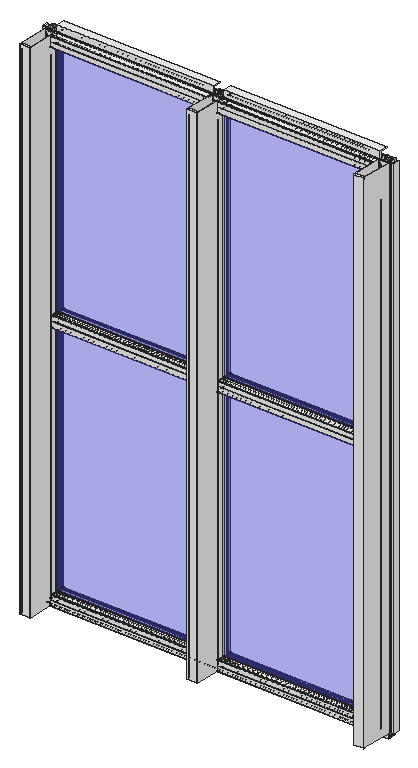
Revit family "Facade_60_Curtain_Wall_E22_Custom", category Windows, host Wall, Revit 2014
Parameters (values of type "F60-E22-Custom")
  Windload Design [instance] = if(Custom Windload < 1001 mm, 1000 mm, if(Custom Windload < 1501 mm, 1500 mm, 2000 mm))  # 1000 mm
  Width [instance] = if(Custom Curtain Wall Width < Limit Door Width Min, Limit Door Width Min, if(Custom Curtain Wall Width > Limit Door Width Max, Limit Door Width Max, Custom Curtain Wall Width))  # 2000 mm
  Wall Thickness [instance] = 200 mm
  Vertical Profile Length [instance] = Height - Frame Bottom Gap  # 2970 mm
  URL = "http://www.crealco.co.za/crealco-products.php"
  Type Comments = ""
  Top Profile Overhang = 5.9 mm  # constant formula
  Thermal Resistance (R) [instance] = if(IGDB or SAGDB Number = 100100, 1.0000 (m²·K)/W / Intruderprufe U Value, if(IGDB or SAGDB Number = 100100, 1.0000 (m²·K)/W / Intruderprufe U Value, if(IGDB or SAGDB Number = 105003, 1.0000 (m²·K)/W / Intruderprufe Insulated U Value, if(IGDB or SAGDB Number = 105004, 1.0000 (m²·K)/W / Intruderprufe Insulated LowE U Value, 1.0000 (m²·K)/W / 7.9)))) * 1  # 0.126582 (m²·K)/W
  Thermal Break Material = Plastic, Opaque Black
  Solar Heat Gain Coefficient [instance] = if(IGDB or SAGDB Number = 100100, Intruderprufe SHGC Value, if(IGDB or SAGDB Number = 103200, Intruderprufe LowE SHGC Value, if(IGDB or SAGDB Number = 105003, Intruderprufe Insulated SHGC Value, if(IGDB or SAGDB Number = 105004, Intruderprufe Insulated LowE SHGC Value, 0))))  # 0
  Single Glazing [instance] = if(DG Forced, 1 = 0, not(Double Glazing))  # no
  Sill Height = 85 mm  # constant formula
  SG Forced [instance] = not(DG Forced)  # no
  Quarter Expansion Break = yes
  Overall Width [instance] = 2000 mm
  Overall Height [instance] = 3000 mm
  Mullion Side Gap [instance] = (Width / 2) - 30 mm  # 970 mm
  Mullion Configuration [instance] = if(Windload Design = 1000 mm, if(not(Height > 2490 mm), 1 mm, if(and(not(Height > 4990 mm), not(Width > 1790 mm)), 2 mm, 3 mm)), if(Windload Design = 1500 mm, if(Height > 2490 mm, 3 mm, if(Width > 2990 mm, 2 mm, 1 mm)), if(Height > 2490 mm, 3 mm, if(Width > 1790 mm, 2 mm, 1 mm))))  # 3 mm
  Model = "Facade 60"
  Mid Transom Bottom Gap [instance] = (Height - Frame Bottom Gap) / 2  # 1485 mm
  Max System DG Unit Thickness = 25 mm  # constant formula
  Max System DG One Piece Thickness [instance] = rounddown((Max System DG Unit Thickness - DG Gasket Thickness) / 2 mm) * 1 mm  # 6 mm
  Max Pane Area [instance] = Glazing Width * Glazing Height  # 1.3642 m²
  Manufacturer = "Crealco"
  Limit Door Width Min = (2 * Limit Panel Width Min) + (2 * Glazing Side Gap) + 19.6 mm  # 699.2 mm
  Limit Door Width Max = (2 * Limit Panel Width Max) + (2 * Glazing Side Gap) + 19.6 mm  # 6099.2 mm
  Limit Door Height Min = (2 * Limit Panel Height Min) + 69.8 mm + (1 mm * 19.6) + 39.8 mm  # 729.2 mm
  Limit Door Height Max = (2 * Limit Panel Height Max) + 69.8 mm + (1 mm * 19.6) + 39.8 mm  # 12129.2 mm
  Limit Panel Width Min = 300 mm  # constant formula
  Limit Panel Width Max = 3000 mm  # constant formula
  Limit Panel Height Min = 300 mm  # constant formula
  Limit Panel Height Max = 6000 mm  # constant formula
  Sill Length [instance] = Width  # 2000 mm
  Length Sill [instance] = Width  # 2000 mm
  Keynote = ""
  Jamb Width = 60 mm  # constant formula
  Intruderprufe U Value = 0
  Intruderprufe SHGC Value = 0
  Intruderprufe LowE U Value = 0
  Intruderprufe LowE SHGC Value = 0
  Intruderprufe Insulated U Value = 0
  Intruderprufe Insulated SHGC Value = 0
  Intruderprufe Insulated LowE U Value = 0
  Intruderprufe Insulated LowE SHGC Value = 0
  Horizontal Profile Length [instance] = (Width - (2 * Jamb Width) - 60 mm) / 2  # 910 mm
  Half Expansion Break = no
  Glazing Width [instance] = Horizontal Profile Length + (2 mm * 20.2)  # 950.4 mm
  Glazing Top Gap = 39.8 mm  # constant formula
  Glazing Side Gap = 39.8 mm  # constant formula
  Glazing Height [instance] = (Height - Glazing Top Gap - Glazing Bottom Gap - (60 mm - 20.2 mm - 20.2 mm)) / 2  # 1435.4 mm
  Glazing Gap SG [instance] = (14 mm - SG Thickness) / 2  # 5 mm
  Glazing Gap DG [instance] = (28 mm - (DG Thickness + DG Thickness + DG Gasket Thickness)) / 2  # 4 mm
  Glazing Bottom Gap = 69.8 mm  # constant formula
  Frame Thickness = 101.8 mm  # constant formula
  Frame Bottom Gap = 30 mm  # constant formula
  Door Leaf Height [instance] = 2050 mm
  Double Glazing [instance] = yes
  DG Thickness Calc [instance] = if(not(Max Pane Area > 1.125 m²), 4 mm, if(not(Max Pane Area > 2.25 m²), 4 mm, if(not(Max Pane Area > 3.15 m²), 5 mm, if(not(Max Pane Area > 4.35 m²), 6 mm, if(not(Max Pane Area > 6.45 m²), 8 mm, 10 mm)))))  # 4 mm
  DG Thickness [instance] = if(IGDB or SAGDB Number = 105003, 6 mm, if(IGDB or SAGDB Number = 105004, 7 mm, if(DG Thickness Calc > Max System DG One Piece Thickness, Max System DG One Piece Thickness, DG Thickness Calc)))  # 4 mm
  DG Gasket Thickness = 12 mm  # constant formula
  DG Gasket Finish [instance] = Double Glazing Gasket Material
  DG Forced [instance] = if(IGDB or SAGDB Number = 100100, 1 = 0, if(IGDB or SAGDB Number = 103200, 1 = 0, if(IGDB or SAGDB Number = 105003, 1 = 1, if(IGDB or SAGDB Number = 105004, 1 = 1, Double Glazing))))  # yes
  IGDB or SAGDB Number [instance] = 0
  Height [instance] = if(Custom Curtain Wall Height < Limit Door Height Min, Limit Door Height Min, if(Custom Curtain Wall Height > Limit Door Height Max, Limit Door Height Max, Custom Curtain Wall Height))  # 3000 mm
  Heat Transfer Coefficient (U) [instance] = if(IGDB or SAGDB Number = 100100, Intruderprufe U Value, if(IGDB or SAGDB Number = 103200, Intruderprufe LowE U Value, if(IGDB or SAGDB Number = 105003, Intruderprufe Insulated U Value, if(IGDB or SAGDB Number = 105004, Intruderprufe Insulated LowE U Value, 7.9)))) * 1.0000 W/(m²·K)  # 7.9000 W/(m²·K)
  SG Thickness [instance] = if(IGDB or SAGDB Number = 100100, 6 mm, if(IGDB or SAGDB Number = 103200, 7 mm, if(not(Max Pane Area > 0.75 m²), 4 mm, if(not(Max Pane Area > 1.50 m²), 4 mm, if(not(Max Pane Area > 2.10 m²), 5 mm, if(not(Max Pane Area > 2.90 m²), 6.4 mm, if(not(Max Pane Area > 4.30 m²), 8 mm, 10 mm)))))))  # 4 mm
  Glazing Material [instance] = if(IGDB or SAGDB Number = 100100, "PFG INTRUDERPRUFE 6.38mm", if(IGDB or SAGDB Number = 103200, "PFG INTRUDERPRUFE LOW-E 7.38mm", if(IGDB or SAGDB Number = 105003, "PFG 25mm INTRUDERPRUFE INSULATED GLASS", if(IGDB or SAGDB Number = 105004, "PFG 25mm INTRUDERPRUFE INSULATED GLASS LOW-E", "Unknown"))))  # "Unknown"
  Glazing Finish [instance] = Glass
  Glazing Code [instance] = if(IGDB or SAGDB Number = 100100, "LAM01", if(IGDB or SAGDB Number = 103200, "LAM01E", if(IGDB or SAGDB Number = 105003, "IGU25", if(IGDB or SAGDB Number = 105004, "IGU25E", "Unknown"))))  # "Unknown"
  Frame Offset From Exterior [instance] = if(Centered In Wall, (Wall Thickness - Frame Thickness) / 2, Custom Offset From Exterior) + 5.9 mm  # 55 mm
  Description = "Curtain Wall, E22"
  Default Sill Height = 0 mm
  Wall Closure = By host
  Custom Curtain Wall Width [instance] = 2000 mm
  Custom Curtain Wall Height [instance] = 3000 mm
  Custom Windload [instance] = 1000 mm
  Custom Offset From Exterior [instance] = 0 mm
  Centered In Wall [instance] = yes
  Aluminium Finish [instance] = White Powder Coated Aluminium ANP 1052
  All Available Glazing Numbers [instance] = "The rows below list the available glazing materials for this window:"  # constant formula
  190mm Mullion [instance] = if(Mullion Configuration = 3 mm, 1 = 1, 1 = 0)  # yes
  160mm Mullion [instance] = if(Mullion Configuration = 2 mm, 1 = 1, 1 = 0)  # no
  105004 [instance] = "IGU25E"  # constant formula
  105003 [instance] = "IGU25"  # constant formula
  103200 [instance] = "LAM01E"  # constant formula
  100mm Mullion [instance] = if(or(Mullion Configuration = 2 mm, Mullion Configuration = 3 mm), 1 = 0, 1 = 1)  # no
  100100 [instance] = "LAM01"  # constant formula
Reference planes
  plane 1 "Center (Front/Back)": y = 0
  plane 2 "Center (Left/Right)": x = 0
  plane 3 "Left": x = -1000
  plane 4 "Right": x = 1000
  plane 5 "Sill": z = 0
  plane 6 "Head": z = 3000
  plane 7 "Exterior": y = 100
  plane 8 "Interior": y = -100
Lines and regions (mm)
  Opening 1
    outline origin (3507.082, -100, 0) x (1, 0, 0) y (0, 0, 1)
      loop
        line (-2507.082, 0) -> (-2507.082, 3000) -> (-4507.082, 3000) -> (-4507.082, 0) -> (-2507.082, 0)
Text (mm)
  text "EXTERIOR" at (-1963.203, 1332.353, 0), in view "Ref. Level"
  text "INTERIOR" at (-1981.466, -818.386, 0), in view "Ref. Level"
  text "Exterior" at (0, 923.751, 2943.296), in view "Right"
  text "Exterior" at (0, 1040.484, 2685.409), in view "Left"
Dimensions and locks
  equal spacing: plane 3 "Left", plane 2 "Center (Left/Right)", plane 4 "Right"
  "Width": plane 3 "Left" to plane 4 "Right"
  "Height": plane 5 "Sill" to plane 6 "Head"
  "Default Sill Height": plane 5 "Sill" to level
  locked: plane 7 "Exterior" to host wall at 0
  locked: plane 8 "Interior" to host wall
  "Overall Height": plane 6 "Head" to plane 5 "Sill"
  "Overall Width": plane 3 "Left" to plane 4 "Right"
  "Wall Thickness": host wall to host wall
  "Jamb Width": nested 3 to plane 4 "Right"
  "Jamb Width": nested 5 to plane 4 "Right"
  "Frame Bottom Gap": nested 5 to level
  "Frame Offset From Exterior": nested 1 to plane 7 "Exterior"
  "Glazing Side Gap": nested 6 to plane 4 "Right"
  "Glazing Top Gap": nested 6 to plane 6 "Head"
  "Glazing Gap SG": nested 6 to nested 1
  "Glazing Side Gap": nested 7 to plane 4 "Right"
  "Glazing Top Gap": nested 7 to plane 6 "Head"
  "Glazing Gap DG": nested 7 to nested 1
  "Mullion Side Gap": nested 8 to plane 4 "Right"
  "Frame Bottom Gap": nested 8 to level
  "Jamb Width": plane 3 "Left" to nested 10
  "Jamb Width": plane 3 "Left" to nested 9
  "Glazing Side Gap": plane 3 "Left" to nested 11
  "Glazing Side Gap": plane 3 "Left" to nested 12
  "Glazing Gap SG": nested 2 to nested 12
  "Glazing Gap DG": nested 2 to nested 11
  "Glazing Bottom Gap": nested 11 to level
  "Glazing Bottom Gap": nested 12 to level
  "Frame Bottom Gap": nested 9 to level
  "Mid Transom Bottom Gap": nested 13 to level
  "Mid Transom Bottom Gap": nested 14 to level
  "Jamb Width": plane 3 "Left" to nested 13
  "Jamb Width": nested 14 to plane 4 "Right"
  "Glazing Bottom Gap": nested 15 to level
  "Glazing Bottom Gap": nested 16 to level
  "Glazing Top Gap": nested 17 to plane 6 "Head"
  "Glazing Top Gap": nested 18 to plane 6 "Head"
  "Glazing Side Gap": plane 3 "Left" to nested 18
  "Glazing Side Gap": plane 3 "Left" to nested 17
  "Glazing Side Gap": nested 15 to plane 4 "Right"
  "Glazing Side Gap": nested 16 to plane 4 "Right"
  "Glazing Gap SG": nested 16 to nested 1
  "Glazing Gap DG": nested 15 to nested 1
  "Glazing Gap SG": nested 2 to nested 18
  "Glazing Gap DG": nested 2 to nested 17
  aligned and locked: plane 4 "Right" to nested 1
  aligned and locked: nested 1 to plane 6 "Head"
  aligned and locked: plane 3 "Left" to nested 2
  aligned and locked: plane 6 "Head" to nested 2
  aligned and locked: nested 3 to plane 6 "Head"
  aligned and locked: nested 4 to level
  aligned and locked: plane 4 "Right" to nested 4
  aligned and locked: nested 1 to nested 2
  aligned and locked: nested 5 to nested 4
  aligned and locked: nested 8 to nested 2
  aligned and locked: nested 10 to plane 6 "Head"
  aligned and locked: nested 5 to nested 10
  aligned and locked: nested 5 to nested 9
  aligned and locked: nested 10 to nested 3
  aligned and locked: nested 10 to nested 2
  aligned and locked: nested 13 to nested 10
  aligned and locked: nested 14 to nested 3
Automatic sketch dimensions
  plane 3 "Left" to Opening 1 sketch curve = 0 mm
  plane 4 "Right" to Opening 1 sketch curve = 0 mm
  Opening 1 sketch curve to plane 5 "Sill" = 0 mm
  Opening 1 sketch curve to plane 6 "Head" = 0 mm
Nested families
  nested 1: "F60 Vertical Profile Side_E22_Cust" at (1000, -1.058, 30) x (-1, 0, 0) z (0, 0, 1), Thermal Break Material <- "Thermal Break Material", Profile Material <- "Aluminium Finish", Length <- "Vertical Profile Length", Single Glazing <- "SG Forced", Double Glazing <- "DG Forced", 100mm Mullion <- "100mm Mullion", 160mm Mullion <- "160mm Mullion", 190mm Mullion <- "190mm Mullion", Quarter Expansion Break <- "Quarter Expansion Break", Half Expansion Break <- "Half Expansion Break", type "F60 Vertical Profile Side_E22_Cust"
    with Thermal Break Material Plastic, Opaque Black, Single Glazing no, Quarter SG Expansion Break no, Quarter Length 742.5 mm, Quarter Expansion Break yes, Quarter DG Expansion Break yes, Quarter 190mm Expansion Break yes, Quarter 160mm Expansion Break no, Quarter 100mm Expansion Break no, Profile Material White Powder Coated Aluminium ANP 1052, Length 2970 mm, Half SG Expansion Break no, Half Length 1485 mm, Half Expansion Break no, Half DG Expansion Break no, Half 190mm Expansion Joint no, Half 160mm Expansion Break no, Half 100mm Expansion Break no, Double Glazing yes, 190mm Mullion yes, 160mm Mullion no, 100mm Mullion no
  nested 2: "F60 Vertical Profile Side_E22_Cust" at (-1000, -1.058, 30), Thermal Break Material <- "Thermal Break Material", Profile Material <- "Aluminium Finish", Length <- "Vertical Profile Length", Single Glazing <- "SG Forced", Double Glazing <- "DG Forced", 100mm Mullion <- "100mm Mullion", 160mm Mullion <- "160mm Mullion", 190mm Mullion <- "190mm Mullion", Quarter Expansion Break <- "Quarter Expansion Break", Half Expansion Break <- "Half Expansion Break", type "F60 Vertical Profile Side_E22_Cust"
    with Thermal Break Material Plastic, Opaque Black, Single Glazing no, Quarter SG Expansion Break no, Quarter Length 742.5 mm, Quarter Expansion Break yes, Quarter DG Expansion Break yes, Quarter 190mm Expansion Break yes, Quarter 160mm Expansion Break no, Quarter 100mm Expansion Break no, Profile Material White Powder Coated Aluminium ANP 1052, Length 2970 mm, Half SG Expansion Break no, Half Length 1485 mm, Half Expansion Break no, Half DG Expansion Break no, Half 190mm Expansion Joint no, Half 160mm Expansion Break no, Half 100mm Expansion Break no, Double Glazing yes, 190mm Mullion yes, 160mm Mullion no, 100mm Mullion no
  nested 3: "F60 Horizontal Profile Top_E22_Cust" at (940, -50.858, 2940) x (-1, 0, 0) z (0, 0, 1), Thermal Break Material <- "Thermal Break Material", Profile Material <- "Aluminium Finish", Length <- "Horizontal Profile Length", Single Glazing <- "SG Forced", Double Glazing <- "DG Forced", type "F60 Horizontal Profile Top_E22_Cust"
    with Thermal Break Material Plastic, Opaque Black, Single Glazing no, Profile Material White Powder Coated Aluminium ANP 1052, Length 910 mm, Double Glazing yes
  nested 4: "F60 Sill_E22_Cust" at (1000, -13.486, -1.88) x (-1, 0, 0) z (0, 0, 1), Profile Material <- "Aluminium Finish", Length Sill <- "Length Sill", type "F60 Sill_E22_Cust"
    with Profile Material White Powder Coated Aluminium ANP 1052, Length Sill 2000 mm
  nested 5: "F60 Horizontal Profile Bottom_E22_Cust" at (940, -50.858, 30) x (-1, 0, 0) z (0, 0, 1), Thermal Break Material <- "Thermal Break Material", Profile Material <- "Aluminium Finish", Length <- "Horizontal Profile Length", Single Glazing <- "SG Forced", Double Glazing <- "DG Forced", type "F60 Horizontal Profile Bottom_E22_Cust"
    with Thermal Break Material Plastic, Opaque Black, Single Glazing no, Profile Material White Powder Coated Aluminium ANP 1052, Length 910 mm, Double Glazing yes
  nested 6: "F60_Single_Glazing_E22_Cust" at (960.2, 7.942, 1524.8), Glazing Width <- "Glazing Width", Glazing Height <- "Glazing Height", SG Thickness <- "SG Thickness", Glazing Finish <- "Glazing Finish", visible <- "SG Forced", type "F60_Single_Glazing_E22_Cust"
    with SG Thickness 4 mm, Glazing Width 950.4 mm, Glazing Height 1435.4 mm, Glazing Finish Glass
  nested 7: "F60_Double_Glazing_E22_Cust" at (960.2, 22.942, 1524.8), Glazing Material <- "Glazing Finish", Double Glazing Gasket Material <- "DG Gasket Finish", Glazing Width <- "Glazing Width", Glazing Height <- "Glazing Height", Glazing Thickness DG <- "DG Thickness", Double Glazing Gasket Thickness <- "DG Gasket Thickness", visible <- "DG Forced", type "F60_Double_Glazing_E22_Cust"
    with Glazing Width 950.4 mm, Glazing Thickness DG 4 mm, Glazing Material Glass, Glazing Height 1435.4 mm, Double Glazing Gasket Thickness 12 mm, Double Glazing Gasket Material Double Glazing Gasket Material
  nested 8: "F60 Vertical Profile Middle_E22_Cust" at (30, -1.058, 30) x (-1, 0, 0) z (0, 0, 1), Thermal Break Material <- "Thermal Break Material", Profile Material <- "Aluminium Finish", Single Glazing <- "SG Forced", Double Glazing <- "DG Forced", 190mm Mullion <- "190mm Mullion", 160mm Mullion <- "160mm Mullion", 100mm Mullion <- "100mm Mullion", Length <- "Vertical Profile Length", Quarter Expansion Break <- "Quarter Expansion Break", Half Expansion Break <- "Half Expansion Break", type "F60 Vertical Profile Middle_E22_Cust"
    with Thermal Break Material Plastic, Opaque Black, Single Glazing no, Quarter SG Expansion Break no, Quarter Length 742.5 mm, Quarter Expansion Break yes, Quarter DG Expansion Break yes, Quarter 190mm Expansion Break yes, Quarter 160mm Expansion Break no, Quarter 100mm Expansion Break no, Profile Material White Powder Coated Aluminium ANP 1052, Length 2970 mm, Half SG Expansion Break no, Half Length 1485 mm, Half Expansion Break no, Half DG Expansion Break no, Half 190mm Expansion Joint no, Half 160mm Expansion Break no, Half 100mm Expansion Break no, Double Glazing yes, 190mm Mullion yes, 160mm Mullion no, 100mm Mullion no
  nested 9: "F60 Horizontal Profile Bottom_E22_Cust" at (-30, -50.858, 30) x (-1, 0, 0) z (0, 0, 1), Thermal Break Material <- "Thermal Break Material", Profile Material <- "Aluminium Finish", Length <- "Horizontal Profile Length", Single Glazing <- "SG Forced", Double Glazing <- "DG Forced", type "F60 Horizontal Profile Bottom_E22_Cust"
    with Thermal Break Material Plastic, Opaque Black, Single Glazing no, Profile Material White Powder Coated Aluminium ANP 1052, Length 910 mm, Double Glazing yes
  nested 10: "F60 Horizontal Profile Top_E22_Cust" at (-30, -50.858, 2940) x (-1, 0, 0) z (0, 0, 1), Thermal Break Material <- "Thermal Break Material", Profile Material <- "Aluminium Finish", Length <- "Horizontal Profile Length", Single Glazing <- "SG Forced", Double Glazing <- "DG Forced", type "F60 Horizontal Profile Top_E22_Cust"
    with Thermal Break Material Plastic, Opaque Black, Single Glazing no, Profile Material White Powder Coated Aluminium ANP 1052, Length 910 mm, Double Glazing yes
  nested 11: "F60_Double_Glazing_E22_Cust" at (-9.8, 22.942, 69.8), Glazing Material <- "Glazing Finish", Double Glazing Gasket Material <- "DG Gasket Finish", Glazing Width <- "Glazing Width", Glazing Height <- "Glazing Height", Glazing Thickness DG <- "DG Thickness", Double Glazing Gasket Thickness <- "DG Gasket Thickness", visible <- "DG Forced", type "F60_Double_Glazing_E22_Cust"
    with Glazing Width 950.4 mm, Glazing Thickness DG 4 mm, Glazing Material Glass, Glazing Height 1435.4 mm, Double Glazing Gasket Thickness 12 mm, Double Glazing Gasket Material Double Glazing Gasket Material
  nested 12: "F60_Single_Glazing_E22_Cust" at (-9.8, 7.942, 69.8), Glazing Width <- "Glazing Width", Glazing Height <- "Glazing Height", SG Thickness <- "SG Thickness", Glazing Finish <- "Glazing Finish", visible <- "SG Forced", type "F60_Single_Glazing_E22_Cust"
    with SG Thickness 4 mm, Glazing Width 950.4 mm, Glazing Height 1435.4 mm, Glazing Finish Glass
  nested 13: "F60 Horizontal Profile Middle_E22_Cust" at (-30, -50.858, 1485) x (-1, 0, 0) z (0, 0, 1), Thermal Break Material <- "Thermal Break Material", Profile Material <- "Aluminium Finish", Length <- "Horizontal Profile Length", Single Glazing <- "SG Forced", Double Glazing <- "DG Forced", type "F60 Horizontal Profile Middle_E22_Cust"
    with Thermal Break Material Plastic, Opaque Black, Single Glazing no, Profile Material White Powder Coated Aluminium ANP 1052, Length 910 mm, Double Glazing yes
  nested 14: "F60 Horizontal Profile Middle_E22_Cust" at (940, -50.858, 1485) x (-1, 0, 0) z (0, 0, 1), Thermal Break Material <- "Thermal Break Material", Profile Material <- "Aluminium Finish", Length <- "Horizontal Profile Length", Single Glazing <- "SG Forced", Double Glazing <- "DG Forced", type "F60 Horizontal Profile Middle_E22_Cust"
    with Thermal Break Material Plastic, Opaque Black, Single Glazing no, Profile Material White Powder Coated Aluminium ANP 1052, Length 910 mm, Double Glazing yes
  nested 15: "F60_Double_Glazing_E22_Cust" at (960.2, 22.942, 69.8), Glazing Material <- "Glazing Finish", Double Glazing Gasket Material <- "DG Gasket Finish", Glazing Width <- "Glazing Width", Glazing Height <- "Glazing Height", Glazing Thickness DG <- "DG Thickness", Double Glazing Gasket Thickness <- "DG Gasket Thickness", visible <- "DG Forced", type "F60_Double_Glazing_E22_Cust"
    with Glazing Width 950.4 mm, Glazing Thickness DG 4 mm, Glazing Material Glass, Glazing Height 1435.4 mm, Double Glazing Gasket Thickness 12 mm, Double Glazing Gasket Material Double Glazing Gasket Material
  nested 16: "F60_Single_Glazing_E22_Cust" at (960.2, 7.942, 69.8), Glazing Width <- "Glazing Width", Glazing Height <- "Glazing Height", SG Thickness <- "SG Thickness", Glazing Finish <- "Glazing Finish", visible <- "SG Forced", type "F60_Single_Glazing_E22_Cust"
    with SG Thickness 4 mm, Glazing Width 950.4 mm, Glazing Height 1435.4 mm, Glazing Finish Glass
  nested 17: "F60_Double_Glazing_E22_Cust" at (-9.8, 22.942, 1524.8), Glazing Material <- "Glazing Finish", Double Glazing Gasket Material <- "DG Gasket Finish", Glazing Width <- "Glazing Width", Glazing Height <- "Glazing Height", Glazing Thickness DG <- "DG Thickness", Double Glazing Gasket Thickness <- "DG Gasket Thickness", visible <- "DG Forced", type "F60_Double_Glazing_E22_Cust"
    with Glazing Width 950.4 mm, Glazing Thickness DG 4 mm, Glazing Material Glass, Glazing Height 1435.4 mm, Double Glazing Gasket Thickness 12 mm, Double Glazing Gasket Material Double Glazing Gasket Material
  nested 18: "F60_Single_Glazing_E22_Cust" at (-9.8, 7.942, 1524.8), Glazing Width <- "Glazing Width", Glazing Height <- "Glazing Height", SG Thickness <- "SG Thickness", Glazing Finish <- "Glazing Finish", visible <- "SG Forced", type "F60_Single_Glazing_E22_Cust"
    with SG Thickness 4 mm, Glazing Width 950.4 mm, Glazing Height 1435.4 mm, Glazing Finish Glass
Definition of nested family "F60 Vertical Profile Side_E22_Cust"
  Parameters (values of type "F60 Vertical Profile Side")
    Quarter SG Expansion Break [instance] = if(and(Quarter Expansion Break, Single Glazing), 1 = 1, 1 = 0)  # yes
    Quarter Length [instance] = Length / 4  # 62.5 mm
    Thermal Break Material [instance] = none
    Single Glazing [instance] = yes
    Quarter Expansion Break [instance] = yes
    Quarter DG Expansion Break [instance] = if(and(Quarter Expansion Break, Double Glazing), 1 = 1, 1 = 0)  # yes
    Quarter 190mm Expansion Break [instance] = if(and(Quarter Expansion Break, [190mm Mullion]), 1 = 1, 1 = 0)  # yes
    Quarter 160mm Expansion Break [instance] = if(and(Quarter Expansion Break, [160mm Mullion]), 1 = 1, 1 = 0)  # yes
    Quarter 100mm Expansion Break [instance] = if(and(Quarter Expansion Break, [100mm Mullion]), 1 = 1, 1 = 0)  # yes
    Profile Material [instance] = none
    Length [instance] = 250 mm
    Half SG Expansion Break [instance] = if(and(Half Expansion Break, Single Glazing), 1 = 1, 1 = 0)  # yes
    Half Length [instance] = Length / 2  # 125 mm
    Half Expansion Break [instance] = yes
    Half DG Expansion Break [instance] = if(and(Half Expansion Break, Double Glazing), 1 = 1, 1 = 0)  # yes
    Half 190mm Expansion Joint [instance] = if(and(Half Expansion Break, [190mm Mullion]), 1 = 1, 1 = 0)  # yes
    Half 160mm Expansion Break [instance] = if(and(Half Expansion Break, [160mm Mullion]), 1 = 1, 1 = 0)  # yes
    Half 100mm Expansion Break [instance] = if(and(Half Expansion Break, [100mm Mullion]), 1 = 1, 1 = 0)  # yes
    Double Glazing [instance] = yes
    190mm Mullion [instance] = yes
    160mm Mullion [instance] = yes
    100mm Mullion [instance] = yes
  Reference planes
    plane 1 "Center (Front/Back)": y = 0
    plane 2: z = 0
    plane 3 "Center (Left/Right)": x = 0
  Forms (mm)
    Extrusion 1, solid, material <- "Profile Material"
      sketch origin (0, 0, 0) x (1, 0, 0) y (0, 1, 0)
        loop
          arc (25.249, -8.7) -> (25.484, -9.266) -> (26.049, -9.5) r 0.8
          line (26.049, -9.5) -> (27.1, -9.5) -> (27.1, 7) -> (32.902, 7) -> (32.902, -9.5) -> (33.951, -9.5)
          arc (33.951, -9.5) -> (34.516, -9.266) -> (34.751, -8.7) r 0.8
          line (34.751, -8.7) -> (34.751, 6.2)
          arc (34.751, 6.2) -> (34.985, 6.766) -> (35.551, 7) r 0.8
          line (35.551, 7) -> (52.1, 7) -> (52.1, 5.4) -> (50.55, 5.4) -> (50.55, 4.55)
          arc (50.55, 4.55) -> (50.726, 4.126) -> (51.15, 3.95) r 0.6
          line (51.15, 3.95) -> (52.1, 3.95) -> (52.1, 1)
          arc (52.1, 1) -> (51.6, 0.5) -> (52.1, 0) r 0.5
          line (52.1, 0) -> (54.45, 0) -> (54.45, 1.15) -> (53.3, 1.15) -> (53.3, 2.45) -> (58.8, 2.45) -> (58.8, 1.15) -> (57.65, 1.15) -> (57.65, 0) -> (59.5, 0)
          arc (59.5, 0) -> (59.854, 0.146) -> (60, 0.5) r 0.5
          line (60, 0.5) -> (60, 3.9) -> (53.55, 3.9) -> (53.55, 7.6)
          arc (53.55, 7.6) -> (53.316, 8.166) -> (52.75, 8.4) r 0.8
          line (52.75, 8.4) -> (30, 8.4) -> (7.25, 8.4)
          arc (7.25, 8.4) -> (6.684, 8.166) -> (6.45, 7.6) r 0.8
          line (6.45, 7.6) -> (6.45, 3.9) -> (0, 3.9) -> (0, 0.5)
          arc (0, 0.5) -> (0.146, 0.146) -> (0.5, 0) r 0.5
          line (0.5, 0) -> (2.35, 0) -> (2.35, 1.15) -> (1.2, 1.15) -> (1.2, 2.45) -> (6.7, 2.45) -> (6.7, 1.15) -> (5.55, 1.15) -> (5.55, 0) -> (7.9, 0)
          arc (7.9, 0) -> (8.4, 0.5) -> (7.9, 1) r 0.5
          line (7.9, 1) -> (7.9, 3.95) -> (8.85, 3.95)
          arc (8.85, 3.95) -> (9.274, 4.126) -> (9.45, 4.55) r 0.6
          line (9.45, 4.55) -> (9.45, 5.4) -> (7.9, 5.4) -> (7.9, 7) -> (24.449, 7)
          arc (24.449, 7) -> (25.015, 6.766) -> (25.249, 6.2) r 0.8
          line (25.249, 6.2) -> (25.249, -8.7)
      from 0 to 250 <- "Length"
    Extrusion 2, solid, material <- "Thermal Break Material"
      sketch origin (0, 0, 0) x (1, 0, 0) y (0, 1, 0)
        loop
          line (1.75, 9.8) -> (1.75, 5.2) -> (0, 5.2) -> (0, 3.9) -> (6.35, 3.9) -> (6.35, 7.856)
          arc (6.35, 7.856) -> (6.526, 8.281) -> (6.95, 8.456) r 0.6
          line (6.95, 8.456) -> (30, 8.456) -> (53.05, 8.456)
          arc (53.05, 8.456) -> (53.474, 8.281) -> (53.65, 7.856) r 0.6
          line (53.65, 7.856) -> (53.65, 3.9) -> (60, 3.9) -> (60, 5.2) -> (58.25, 5.2) -> (58.25, 9.8) -> (30, 9.8) -> (1.75, 9.8)
      from 0 to 250 <- "Length"
    Extrusion 3, solid, material <- "Thermal Break Material", visible <- "Single Glazing"
      sketch origin (0, 0, 0) x (1, 0, 0) y (0, 1, 0)
        loop
          line (25.749, -14.011) -> (27.672, -14.011) -> (28.481, -12.611) -> (31.518, -12.611) -> (32.327, -14.011) -> (34.249, -14.011)
          arc (34.249, -14.011) -> (34.603, -13.864) -> (34.749, -13.511) r 0.5
          line (34.749, -13.511) -> (34.749, -10.011)
          arc (34.749, -10.011) -> (34.603, -9.657) -> (34.249, -9.511) r 0.5
          line (34.249, -9.511) -> (32.352, -9.511) -> (32.352, 0.19) -> (31.349, 2.261)
          arc (31.349, 2.261) -> (29.999, 2.986) -> (28.649, 2.261) r 1.62
          line (28.649, 2.261) -> (27.647, 0.19) -> (27.647, -9.511) -> (25.749, -9.511)
          arc (25.749, -9.511) -> (25.396, -9.657) -> (25.249, -10.011) r 0.5
          line (25.249, -10.011) -> (25.249, -13.511)
          arc (25.249, -13.511) -> (25.396, -13.864) -> (25.749, -14.011) r 0.5
        loop
          line (28.504, -10.005) -> (28.504, -10.861)
          arc (28.504, -10.861) -> (28.651, -11.214) -> (29.004, -11.361) r 0.5
          line (29.004, -11.361) -> (30.994, -11.361)
          arc (30.994, -11.361) -> (31.348, -11.214) -> (31.494, -10.861) r 0.5
          line (31.494, -10.861) -> (31.494, -10.005) -> (30.708, -9.219)
          arc (30.708, -9.219) -> (30.383, -9.001) -> (29.999, -8.924) r 1.007
          arc (29.999, -8.924) -> (29.616, -8.999) -> (29.292, -9.217) r 0.986
          line (29.292, -9.217) -> (28.504, -10.005)
        loop
          arc (30.896, 1.935) -> (29.887, 2.44) -> (29.005, 1.735) r 1.047
          line (29.005, 1.735) -> (28.347, 0.374) -> (28.347, -6.993)
          arc (28.347, -6.993) -> (28.583, -7.417) -> (29.068, -7.441) r 0.5
          arc (29.068, -7.441) -> (29.999, -7.223) -> (30.93, -7.441) r 2.099
          arc (30.93, -7.441) -> (31.416, -7.417) -> (31.652, -6.993) r 0.5
          line (31.652, -6.993) -> (31.652, 0.374) -> (30.896, 1.935)
      from 0 to 250 <- "Length"
    Extrusion 4, solid, material <- "Profile Material", visible <- "Single Glazing"
      sketch origin (0, 0, 0) x (1, 0, 0) y (0, 1, 0)
        loop
          line (52.693, -14.011) -> (32.327, -14.011) -> (31.519, -12.611) -> (28.481, -12.611) -> (27.673, -14.011) -> (7.307, -14.011) -> (7.307, -15.011) -> (8.457, -15.011) -> (8.457, -16.261) -> (2.957, -16.261) -> (2.957, -15.011) -> (4.107, -15.011) -> (4.107, -14.011) -> (1.707, -14.011)
          arc (1.707, -14.011) -> (1.199, -14.293) -> (1.168, -14.873) r 0.6
          line (1.168, -14.873) -> (2.093, -16.772) -> (1.015, -17.298) -> (1.484, -18.261) -> (11.488, -18.261)
          arc (11.488, -18.261) -> (11.913, -18.085) -> (12.088, -17.661) r 0.6
          line (12.088, -17.661) -> (12.088, -16.811) -> (47.912, -16.811) -> (47.912, -17.661)
          arc (47.912, -17.661) -> (48.088, -18.085) -> (48.512, -18.261) r 0.6
          line (48.512, -18.261) -> (58.518, -18.261) -> (58.987, -17.298) -> (57.908, -16.772) -> (58.834, -14.874)
          arc (58.834, -14.874) -> (58.802, -14.293) -> (58.293, -14.011) r 0.6
          line (58.293, -14.011) -> (55.893, -14.011) -> (55.893, -15.011) -> (57.043, -15.011) -> (57.043, -16.261) -> (51.543, -16.261) -> (51.543, -15.011) -> (52.693, -15.011) -> (52.693, -14.011)
      from 0 to 250 <- "Length"
    Extrusion 5, solid, material <- "Profile Material", visible <- "Single Glazing"
      sketch origin (0, 0, 0) x (1, 0, 0) y (0, 1, 0)
        loop
          line (2.801, -18.261) -> (1.484, -18.261) -> (1.015, -17.298) -> (2.093, -16.772) -> (0.779, -14.076)
          arc (0.779, -14.076) -> (0.239, -14.21) -> (0.001, -14.713) r 0.65
          line (0.001, -14.713) -> (0.001, -28.068)
          arc (0.001, -28.068) -> (1.172, -30.897) -> (4.001, -32.068) r 4
          line (4.001, -32.068) -> (30.001, -32.068) -> (56.001, -32.068)
          arc (56.001, -32.068) -> (58.829, -30.897) -> (60.001, -28.068) r 4
          line (60.001, -28.068) -> (60.001, -14.713)
          arc (60.001, -14.713) -> (59.763, -14.21) -> (59.223, -14.076) r 0.65
          line (59.223, -14.076) -> (57.908, -16.772) -> (58.987, -17.298) -> (58.518, -18.261) -> (57.201, -18.261)
          arc (57.201, -18.261) -> (56.83, -18.425) -> (56.703, -18.811) r 0.5
          arc (56.703, -18.811) -> (56.83, -19.196) -> (57.201, -19.361) r 0.5
          line (57.201, -19.361) -> (58.951, -19.361) -> (58.951, -27.968)
          arc (58.951, -27.968) -> (58.131, -29.948) -> (56.151, -30.768) r 2.8
          line (56.151, -30.768) -> (30.001, -30.768) -> (3.851, -30.768)
          arc (3.851, -30.768) -> (1.871, -29.948) -> (1.051, -27.968) r 2.8
          line (1.051, -27.968) -> (1.051, -19.361) -> (2.801, -19.361)
          arc (2.801, -19.361) -> (3.172, -19.196) -> (3.298, -18.811) r 0.5
          arc (3.298, -18.811) -> (3.172, -18.425) -> (2.801, -18.261) r 0.5
      from 0 to 250 <- "Length"
    Extrusion 6, solid, material <- "Profile Material", visible <- "100mm Mullion"
      sketch origin (0, 0, 0) x (1, 0, 0) y (0, 1, 0)
        loop
          line (14.02, 13) -> (45.98, 13)
          arc (45.98, 13) -> (46.539, 12.842) -> (46.917, 12.4) r 1
          arc (46.917, 12.4) -> (47.285, 11.963) -> (47.833, 11.8) r 1
          line (47.833, 11.8) -> (58.15, 11.8) -> (58.15, 96.3) -> (47.833, 96.3)
          arc (47.833, 96.3) -> (47.285, 96.137) -> (46.917, 95.7) r 1
          arc (46.917, 95.7) -> (46.548, 95.263) -> (46, 95.1) r 1
          line (46, 95.1) -> (14, 95.1)
          arc (14, 95.1) -> (13.452, 95.263) -> (13.083, 95.7) r 1
          arc (13.083, 95.7) -> (12.715, 96.137) -> (12.167, 96.3) r 1
          line (12.167, 96.3) -> (1.85, 96.3) -> (1.85, 11.8) -> (12.167, 11.8)
          arc (12.167, 11.8) -> (12.715, 11.963) -> (13.083, 12.4) r 1
          arc (13.083, 12.4) -> (13.461, 12.842) -> (14.02, 13) r 1
        loop
          line (1.65, 9.856) -> (58.35, 9.856) -> (58.35, 5.2) -> (60, 5.2) -> (60, 98.8)
          arc (60, 98.8) -> (59.707, 99.507) -> (59, 99.8) r 1
          line (59, 99.8) -> (1, 99.8)
          arc (1, 99.8) -> (0.293, 99.507) -> (0, 98.8) r 1
          line (0, 98.8) -> (0, 5.2) -> (1.65, 5.2) -> (1.65, 9.856)
      from 0 to 250 <- "Length"
    Extrusion 7, solid, material <- "Profile Material", visible <- "160mm Mullion"
      sketch origin (0, 0, 0) x (1, 0, 0) y (0, 1, 0)
        loop
          arc (2.35, 15.6) -> (2.526, 15.176) -> (2.95, 15) r 0.6
          line (2.95, 15) -> (57.05, 15)
          arc (57.05, 15) -> (57.474, 15.176) -> (57.65, 15.6) r 0.6
          line (57.65, 15.6) -> (57.65, 153.7)
          arc (57.65, 153.7) -> (57.474, 154.124) -> (57.05, 154.3) r 0.6
          line (57.05, 154.3) -> (47.833, 154.3)
          arc (47.833, 154.3) -> (47.285, 154.137) -> (46.917, 153.7) r 1
          arc (46.917, 153.7) -> (46.548, 153.263) -> (46, 153.1) r 1
          line (46, 153.1) -> (14, 153.1)
          arc (14, 153.1) -> (13.452, 153.263) -> (13.083, 153.7) r 1
          arc (13.083, 153.7) -> (12.715, 154.137) -> (12.167, 154.3) r 1
          line (12.167, 154.3) -> (2.95, 154.3)
          arc (2.95, 154.3) -> (2.526, 154.124) -> (2.35, 153.7) r 0.6
          line (2.35, 153.7) -> (2.35, 15.6)
        loop
          arc (1, 159.8) -> (0.293, 159.507) -> (0, 158.8) r 1
          line (0, 158.8) -> (0, 5.2) -> (1.65, 5.2) -> (1.65, 10.013) -> (58.35, 10.013) -> (58.35, 5.2) -> (60, 5.2) -> (60, 158.8)
          arc (60, 158.8) -> (59.707, 159.507) -> (59, 159.8) r 1
          line (59, 159.8) -> (1, 159.8)
      from 0 to 250 <- "Length"
    Extrusion 8, solid, material <- "Profile Material", visible <- "190mm Mullion"
      sketch origin (0, 0, 0) x (1, 0, 0) y (0, 1, 0)
        loop
          line (57.25, 15.1) -> (57.25, 178.3)
          arc (57.25, 178.3) -> (56.957, 179.007) -> (56.25, 179.3) r 1
          line (56.25, 179.3) -> (3.75, 179.3)
          arc (3.75, 179.3) -> (3.043, 179.007) -> (2.75, 178.3) r 1
          line (2.75, 178.3) -> (2.75, 15.1)
          arc (2.75, 15.1) -> (2.984, 14.534) -> (3.55, 14.3) r 0.8
          line (3.55, 14.3) -> (56.45, 14.3)
          arc (56.45, 14.3) -> (57.016, 14.534) -> (57.25, 15.1) r 0.8
        loop
          line (60, 5.2) -> (60, 188.8)
          arc (60, 188.8) -> (59.707, 189.507) -> (59, 189.8) r 1
          line (59, 189.8) -> (1, 189.8)
          arc (1, 189.8) -> (0.293, 189.507) -> (0, 188.8) r 1
          line (0, 188.8) -> (0, 5.2) -> (1.65, 5.2) -> (1.65, 9.856) -> (58.35, 9.856) -> (58.35, 5.2) -> (60, 5.2)
      from 0 to 250 <- "Length"
    Extrusion 9, solid, material <- "Thermal Break Material", visible <- "Double Glazing"
      sketch origin (0, 0, 0) x (1, 0, 0) y (0, 1, 0)
        loop
          line (27.672, -28) -> (28.48, -26.6) -> (31.518, -26.6) -> (32.326, -28) -> (34.249, -28)
          arc (34.249, -28) -> (34.603, -27.854) -> (34.749, -27.5) r 0.5
          line (34.749, -27.5) -> (34.749, -10)
          arc (34.749, -10) -> (34.603, -9.646) -> (34.249, -9.5) r 0.5
          line (34.249, -9.5) -> (32.352, -9.5) -> (32.352, 0.198) -> (31.348, 2.272)
          arc (31.348, 2.272) -> (29.998, 2.997) -> (28.648, 2.272) r 1.62
          line (28.648, 2.272) -> (27.645, 0.201) -> (27.645, -9.5) -> (25.749, -9.5)
          arc (25.749, -9.5) -> (25.396, -9.646) -> (25.249, -10) r 0.5
          line (25.249, -10) -> (25.249, -27.5)
          arc (25.249, -27.5) -> (25.396, -27.854) -> (25.749, -28) r 0.5
          line (25.749, -28) -> (27.672, -28)
        loop
          arc (30.706, -9.206) -> (30.382, -8.99) -> (29.999, -8.913) r 1.007
          arc (29.999, -8.913) -> (29.616, -8.988) -> (29.292, -9.206) r 0.986
          line (29.292, -9.206) -> (27.142, -11.356)
          arc (27.142, -11.356) -> (26.926, -11.68) -> (26.849, -12.063) r 1
          line (26.849, -12.063) -> (26.849, -24)
          arc (26.849, -24) -> (27.142, -24.707) -> (27.849, -25) r 1
          line (27.849, -25) -> (32.149, -25)
          arc (32.149, -25) -> (32.856, -24.707) -> (33.149, -24) r 1
          line (33.149, -24) -> (33.149, -12.063)
          arc (33.149, -12.063) -> (33.073, -11.68) -> (32.856, -11.356) r 1
          line (32.856, -11.356) -> (30.706, -9.206)
        loop
          arc (28.345, -6.982) -> (28.581, -7.407) -> (29.067, -7.43) r 0.5
          arc (29.067, -7.43) -> (29.998, -7.213) -> (30.929, -7.43) r 2.099
          arc (30.929, -7.43) -> (31.414, -7.407) -> (31.651, -6.982) r 0.5
          line (31.651, -6.982) -> (31.651, 0.385) -> (30.895, 1.946)
          arc (30.895, 1.946) -> (29.885, 2.45) -> (29.004, 1.745) r 1.047
          line (29.004, 1.745) -> (28.345, 0.385) -> (28.345, -6.982)
      from 0 to 250 <- "Length"
    Extrusion 10, solid, material <- "Profile Material", visible <- "Double Glazing"
      sketch origin (0, 0, 0) x (1, 0, 0) y (0, 1, 0)
        loop
          line (52.692, -28) -> (32.327, -28) -> (31.518, -26.6) -> (28.48, -26.6) -> (27.672, -28) -> (7.306, -28) -> (7.306, -29) -> (8.456, -29) -> (8.456, -30.25) -> (2.956, -30.25) -> (2.956, -29) -> (4.106, -29) -> (4.106, -28) -> (1.706, -28)
          arc (1.706, -28) -> (1.198, -28.282) -> (1.167, -28.863) r 0.6
          line (1.167, -28.863) -> (2.093, -30.762) -> (1.014, -31.288) -> (1.483, -32.25) -> (11.488, -32.25)
          arc (11.488, -32.25) -> (11.912, -32.074) -> (12.088, -31.65) r 0.6
          line (12.088, -31.65) -> (12.088, -30.8) -> (47.911, -30.8) -> (47.911, -31.65)
          arc (47.911, -31.65) -> (48.087, -32.074) -> (48.511, -32.25) r 0.6
          line (48.511, -32.25) -> (58.517, -32.25) -> (58.986, -31.288) -> (57.907, -30.762) -> (58.833, -28.864)
          arc (58.833, -28.864) -> (58.801, -28.282) -> (58.292, -28) r 0.6
          line (58.292, -28) -> (55.892, -28) -> (55.892, -29) -> (57.042, -29) -> (57.042, -30.25) -> (51.542, -30.25) -> (51.542, -29) -> (52.692, -29) -> (52.692, -28)
      from 0 to 250 <- "Length"
    Extrusion 11, solid, material <- "Profile Material", visible <- "Double Glazing"
      sketch origin (0, 0, 0) x (1, 0, 0) y (0, 1, 0)
        loop
          line (2.8, -32.25) -> (1.483, -32.25) -> (1.014, -31.288) -> (2.093, -30.762) -> (0.778, -28.065)
          arc (0.778, -28.065) -> (0.238, -28.2) -> (0, -28.702) r 0.65
          line (0, -28.702) -> (0, -42.058)
          arc (0, -42.058) -> (1.172, -44.886) -> (4, -46.058) r 4
          line (4, -46.058) -> (30, -46.058) -> (56, -46.058)
          arc (56, -46.058) -> (58.828, -44.886) -> (60, -42.058) r 4
          line (60, -42.058) -> (60, -28.702)
          arc (60, -28.702) -> (59.762, -28.2) -> (59.222, -28.065) r 0.65
          line (59.222, -28.065) -> (57.907, -30.762) -> (58.986, -31.288) -> (58.517, -32.25) -> (57.2, -32.25)
          arc (57.2, -32.25) -> (56.829, -32.415) -> (56.703, -32.8) r 0.5
          arc (56.703, -32.8) -> (56.829, -33.185) -> (57.2, -33.35) r 0.5
          line (57.2, -33.35) -> (58.95, -33.35) -> (58.95, -41.958)
          arc (58.95, -41.958) -> (58.13, -43.938) -> (56.15, -44.758) r 2.8
          line (56.15, -44.758) -> (30, -44.758) -> (3.85, -44.758)
          arc (3.85, -44.758) -> (1.87, -43.938) -> (1.05, -41.958) r 2.8
          line (1.05, -41.958) -> (1.05, -33.35) -> (2.8, -33.35)
          arc (2.8, -33.35) -> (3.171, -33.185) -> (3.297, -32.8) r 0.5
          arc (3.297, -32.8) -> (3.171, -32.415) -> (2.8, -32.25) r 0.5
      from 0 to 250 <- "Length"
    Extrusion 12, solid, material <- "Profile Material", visible <- "Single Glazing"
      sketch origin (0, 0, 0) x (1, 0, 0) y (0, 1, 0)
        loop
          line (10.403, -10.171) -> (10.403, -3.821) -> (-21.349, -3.821) -> (-21.349, -35.567) -> (-14.999, -35.567) -> (-14.999, -10.171) -> (10.403, -10.171)
      from 0 to 250 <- "Length"
    Extrusion 13, solid, material <- "Profile Material", visible <- "Double Glazing"
      sketch origin (0, 0, 0) x (1, 0, 0) y (0, 1, 0)
        loop
          line (10.402, -7.775) -> (10.402, -1.425) -> (-21.35, -1.425) -> (-21.35, -33.172) -> (-15, -33.172) -> (-15, -7.775) -> (10.402, -7.775)
      from 0 to 250 <- "Length"
    Extrusion 14, solid, material <- "Profile Material", visible <- "Double Glazing"
      sketch origin (0, 0, 0) x (1, 0, 0) y (0, 1, 0)
        loop
          line (12, -7.775) -> (0, -7.775) -> (0, -25.775) -> (12, -25.775) -> (12, -7.775)
        loop
          line (10.8, -8.975) -> (1.2, -8.975) -> (1.2, -24.575) -> (10.8, -24.575) -> (10.8, -8.975)
      from 0 to 250 <- "Length"
  Lines and regions (mm)
    model lines, style "GenericModelHiddenLines", visible <- "Half 100mm Expansion Break"
      curve 1: line (60, 5.2, 125) -> (60, 95.2, 125)
      curve 2: line (60, 99.8, 125) -> (0, 99.8, 125)
      curve 8: line (0, 5.2, 125) -> (0, 95.2, 125)
    model lines, style "GenericModelHiddenLines", visible <- "Quarter 100mm Expansion Break"
      curve 3: line (60, 5.2, 187.5) -> (60, 95.2, 187.5)
      curve 4: line (60, 5.2, 62.5) -> (60, 95.2, 62.5)
      curve 5: line (60, 99.8, 62.5) -> (0, 99.8, 62.5)
      curve 6: line (60, 99.8, 187.5) -> (0, 99.8, 187.5)
      curve 7: line (0, 5.2, 187.5) -> (0, 95.2, 187.5)
      curve 9: line (0, 5.2, 62.5) -> (0, 95.2, 62.5)
    model lines, style "GenericModelHiddenLines", visible <- "Half SG Expansion Break"
      curve 10: line (4.107, -32.068, 125) -> (55.893, -32.068, 125)
      curve 14: line (60.001, -14.011, 125) -> (60.001, -32.068, 125)
    model lines, style "GenericModelHiddenLines", visible <- "Quarter SG Expansion Break"
      curve 11: line (4.107, -32.068, 187.5) -> (56.703, -32.068, 187.5)
      curve 12: line (4.107, -32.068, 62.5) -> (56.703, -32.068, 62.5)
      curve 13: line (60.001, -14.011, 187.5) -> (60.001, -32.068, 187.5)
      curve 15: line (60.001, -14.011, 62.5) -> (60.001, -32.068, 62.5)
    model lines, style "GenericModelHiddenLines", visible <- "Quarter 160mm Expansion Break"
      curve 16: line (0, 5.2, 187.5) -> (0, 155.2, 187.5)
      curve 18: line (0, 5.2, 62.5) -> (0, 155.2, 62.5)
      curve 19: line (0, 159.8, 187.5) -> (60, 159.8, 187.5)
      curve 21: line (0, 159.8, 62.5) -> (60, 159.8, 62.5)
      curve 22: line (60, 5.2, 187.5) -> (60, 155.2, 187.5)
      curve 24: line (60, 5.2, 62.5) -> (60, 155.2, 62.5)
    model lines, style "GenericModelHiddenLines", visible <- "Half 160mm Expansion Break"
      curve 17: line (0, 5.2, 125) -> (0, 155.2, 125)
      curve 20: line (0, 159.8, 125) -> (60, 159.8, 125)
      curve 23: line (60, 5.2, 125) -> (60, 155.2, 125)
    model lines, style "GenericModelHiddenLines", visible <- "Quarter 190mm Expansion Break"
      curve 25: line (0, 5.2, 187.5) -> (0, 185.2, 187.5)
      curve 27: line (0, 5.2, 62.5) -> (0, 185.2, 62.5)
      curve 28: line (0.779, 189.8, 187.5) -> (59.222, 189.8, 187.5)
      curve 30: line (0.779, 189.8, 62.5) -> (59.222, 189.8, 62.5)
      curve 31: line (60, 5.2, 187.5) -> (60, 185.2, 187.5)
      curve 33: line (60, 5.2, 62.5) -> (60, 185.2, 62.5)
    model lines, style "GenericModelHiddenLines", visible <- "Half 190mm Expansion Joint"
      curve 26: line (0, 5.2, 125) -> (0, 185.2, 125)
      curve 29: line (0.779, 189.8, 125) -> (59.222, 189.8, 125)
      curve 32: line (60, 5.2, 125) -> (60, 185.2, 125)
    model lines, style "GenericModelHiddenLines", visible <- "Quarter DG Expansion Break"
      curve 34: line (60, -28.065, 187.5) -> (60, -46.074, 187.5)
      curve 36: line (60, -28.065, 62.5) -> (60, -46.027, 62.5)
      curve 37: line (59.222, -46.058, 187.5) -> (0.779, -46.058, 187.5)
      curve 39: line (59.222, -46.058, 62.5) -> (0.779, -46.058, 62.5)
    model lines, style "GenericModelHiddenLines", visible <- "Half DG Expansion Break"
      curve 35: line (60, -28.065, 125) -> (60, -46.074, 125)
      curve 38: line (59.222, -46.058, 125) -> (0.779, -46.058, 125)
  Dimensions and locks
    "Half Length": curve 1 to level
    "Half Length": level to curve 2
    "Quarter Length": curve 4 to level
    "Quarter Length": Extrusion 8 to curve 3
    "Quarter Length": level to curve 5
    "Quarter Length": curve 6 to Extrusion 6
    "Quarter Length": curve 9 to level
    "Half Length": curve 8 to level
    "Quarter Length": Extrusion 8 to curve 7
    "Quarter Length": curve 12 to level
    "Half Length": curve 10 to level
    "Quarter Length": Extrusion 5 to curve 11
    "Quarter Length": curve 15 to level
    "Half Length": curve 14 to level
    "Quarter Length": Extrusion 5 to curve 13
    "Quarter Length": Extrusion 7 to curve 18
    "Half Length": Extrusion 7 to curve 17
    "Quarter Length": Extrusion 7 to curve 16
    "Quarter Length": Extrusion 7 to curve 21
    "Quarter Length": curve 19 to Extrusion 7
    "Half Length": Extrusion 7 to curve 20
    "Quarter Length": Extrusion 7 to curve 24
    "Quarter Length": Extrusion 7 to curve 22
    "Half Length": Extrusion 7 to curve 23
    "Quarter Length": Extrusion 8 to curve 27
    "Quarter Length": Extrusion 8 to curve 25
    "Half Length": Extrusion 8 to curve 26
    "Quarter Length": Extrusion 8 to curve 30
    "Quarter Length": curve 28 to Extrusion 8
    "Half Length": Extrusion 8 to curve 29
    "Quarter Length": Extrusion 8 to curve 33
    "Quarter Length": Extrusion 8 to curve 31
    "Half Length": Extrusion 8 to curve 32
    "Quarter Length": Extrusion 11 to curve 36
    "Quarter Length": Extrusion 11 to curve 34
    "Half Length": Extrusion 11 to curve 35
    "Quarter Length": Extrusion 11 to curve 37
    "Quarter Length": curve 39 to Extrusion 11
    "Half Length": curve 38 to Extrusion 11
    aligned and locked: level to plane 2
  Automatic sketch dimensions
    Extrusion 1 sketch curve to plane 3 "Center (Left/Right)" = 0 mm
    plane 1 "Center (Front/Back)" to Extrusion 1 sketch curve = 0 mm  (x4)
    plane 3 "Center (Left/Right)" to Extrusion 1 sketch curve = 0.5 mm
    Extrusion 1 sketch curve to Extrusion 1 sketch curve = 0.7 mm  (x2)
    Extrusion 1 sketch curve to Extrusion 1 sketch curve = 1.15 mm  (x4)
    Extrusion 1 sketch curve to Extrusion 1 sketch curve = 3.2 mm  (x2)
    Extrusion 1 sketch curve to Extrusion 1 sketch curve = 0.9 mm
    Extrusion 1 sketch curve to Extrusion 1 sketch curve = 0.25 mm
    Extrusion 1 sketch curve to Extrusion 1 sketch curve = 0.8 mm  (x7)
    Extrusion 1 sketch curve to Extrusion 1 sketch curve = 1.45 mm  (x2)
    Extrusion 1 sketch curve to Extrusion 1 sketch curve = 0.65 mm  (x3)
    Extrusion 1 sketch curve to Extrusion 1 sketch curve = 0.95 mm  (x3)
    Extrusion 1 sketch curve to Extrusion 1 sketch curve = 0.6 mm  (x3)
    Extrusion 1 sketch curve to plane 1 "Center (Front/Back)" = 7 mm
    Extrusion 1 sketch curve to Extrusion 1 sketch curve = 14.999 mm  (x2)
    plane 1 "Center (Front/Back)" to Extrusion 1 sketch curve = 8.7 mm
    Extrusion 1 sketch curve to Extrusion 1 sketch curve = 1.85 mm
    Extrusion 1 sketch curve to Extrusion 1 sketch curve = 2.9 mm
    Extrusion 1 sketch curve to Extrusion 1 sketch curve = 5.802 mm
    Extrusion 1 sketch curve to Extrusion 1 sketch curve = 1.049 mm
    Extrusion 1 sketch curve to plane 1 "Center (Front/Back)" = 4.55 mm
    Extrusion 1 sketch curve to plane 1 "Center (Front/Back)" = 0.5 mm  (x3)
    Extrusion 1 sketch curve to Extrusion 1 sketch curve = 1.2 mm
    Extrusion 1 sketch curve to plane 1 "Center (Front/Back)" = 1.15 mm  (x2)
    Extrusion 1 sketch curve to Extrusion 1 sketch curve = 0 mm
    Extrusion 1 sketch curve to Extrusion 1 sketch curve = 1.3 mm  (x2)
    Extrusion 1 sketch curve to Extrusion 1 sketch curve = 0.05 mm  (x2)
    Extrusion 1 sketch curve to Extrusion 1 sketch curve = 0.85 mm  (x2)
    Extrusion 1 sketch curve to plane 1 "Center (Front/Back)" = 6.2 mm
    Extrusion 2 sketch curve to plane 3 "Center (Left/Right)" = 0 mm
    plane 3 "Center (Left/Right)" to Extrusion 2 sketch curve = 1.75 mm
    Extrusion 2 sketch curve to Extrusion 2 sketch curve = 4.6 mm  (x4)
    Extrusion 2 sketch curve to Extrusion 2 sketch curve = 0.6 mm  (x2)
    Extrusion 2 sketch curve to plane 1 "Center (Front/Back)" = 9.8 mm
    Extrusion 2 sketch curve to Extrusion 2 sketch curve = 23.05 mm  (x2)
    Extrusion 2 sketch curve to Extrusion 2 sketch curve = 0 mm
    Extrusion 2 sketch curve to plane 1 "Center (Front/Back)" = 8.456 mm
    Extrusion 2 sketch curve to Extrusion 2 sketch curve = 1.75 mm
    Extrusion 2 sketch curve to plane 1 "Center (Front/Back)" = 3.9 mm  (x2)
    plane 3 "Center (Left/Right)" to Extrusion 3 sketch curve = 25.249 mm
    Extrusion 3 sketch curve to Extrusion 3 sketch curve = 0.5 mm  (x6)
    Extrusion 3 sketch curve to plane 1 "Center (Front/Back)" = 0.19 mm  (x2)
    Extrusion 3 sketch curve to Extrusion 3 sketch curve = 1.897 mm  (x2)
    Extrusion 3 sketch curve to Extrusion 3 sketch curve = 1.922 mm  (x2)
    Extrusion 3 sketch curve to plane 1 "Center (Front/Back)" = 0.374 mm  (x2)
    Extrusion 3 sketch curve to Extrusion 3 sketch curve = 0.7 mm  (x2)
    plane 1 "Center (Front/Back)" to Extrusion 3 sketch curve = 12.611 mm
    Extrusion 3 sketch curve to Extrusion 3 sketch curve = 0.809 mm
    Extrusion 3 sketch curve to Extrusion 3 sketch curve = 0.858 mm
    Extrusion 3 sketch curve to plane 1 "Center (Front/Back)" = 2.261 mm  (x2)
    Extrusion 3 sketch curve to Extrusion 3 sketch curve = 0.303 mm
    Extrusion 3 sketch curve to plane 1 "Center (Front/Back)" = 1.735 mm
    Extrusion 3 sketch curve to Extrusion 3 sketch curve = 0.356 mm
    plane 1 "Center (Front/Back)" to Extrusion 3 sketch curve = 9.217 mm
    Extrusion 3 sketch curve to Extrusion 3 sketch curve = 0.788 mm
    Extrusion 3 sketch curve to Extrusion 3 sketch curve = 0.701 mm
    Extrusion 3 sketch curve to Extrusion 3 sketch curve = 0.003 mm
    Extrusion 3 sketch curve to Extrusion 3 sketch curve = 0.992 mm
    Extrusion 3 sketch curve to Extrusion 3 sketch curve = 0.006 mm
    Extrusion 3 sketch curve to Extrusion 3 sketch curve = 0.002 mm
    plane 1 "Center (Front/Back)" to Extrusion 3 sketch curve = 9.219 mm
    Extrusion 3 sketch curve to Extrusion 3 sketch curve = 0.709 mm
    Extrusion 3 sketch curve to plane 1 "Center (Front/Back)" = 1.935 mm
    Extrusion 3 sketch curve to Extrusion 3 sketch curve = 0.899 mm
    Extrusion 3 sketch curve to Extrusion 3 sketch curve = 0.998 mm
    Extrusion 3 sketch curve to Extrusion 3 sketch curve = 0.444 mm
    Extrusion 3 sketch curve to Extrusion 3 sketch curve = 0.524 mm
    Extrusion 3 sketch curve to Extrusion 3 sketch curve = 0.756 mm
    Extrusion 3 sketch curve to Extrusion 3 sketch curve = 0.808 mm
    Extrusion 3 sketch curve to Extrusion 3 sketch curve = 0.9 mm  (x2)
    Extrusion 3 sketch curve to Extrusion 3 sketch curve = 1.25 mm
    Extrusion 3 sketch curve to Extrusion 3 sketch curve = 0.85 mm  (x2)
    Extrusion 3 sketch curve to Extrusion 3 sketch curve = 0.856 mm  (x2)
    Extrusion 3 sketch curve to Extrusion 3 sketch curve = 0.714 mm
    Extrusion 3 sketch curve to Extrusion 3 sketch curve = 0.02 mm
    Extrusion 3 sketch curve to Extrusion 3 sketch curve = 0.399 mm
    Extrusion 3 sketch curve to Extrusion 3 sketch curve = 2.224 mm
    Extrusion 3 sketch curve to Extrusion 3 sketch curve = 0.448 mm
    Extrusion 3 sketch curve to Extrusion 3 sketch curve = 0.032 mm
    Extrusion 3 sketch curve to Extrusion 3 sketch curve = 0 mm
    plane 3 "Center (Left/Right)" to Extrusion 4 sketch curve = 1.015 mm
    Extrusion 4 sketch curve to Extrusion 4 sketch curve = 0.469 mm
    plane 3 "Center (Left/Right)" to Extrusion 4 sketch curve = 1.707 mm
    Extrusion 4 sketch curve to Extrusion 4 sketch curve = 1.079 mm
    Extrusion 4 sketch curve to Extrusion 4 sketch curve = 0.864 mm
    Extrusion 4 sketch curve to Extrusion 4 sketch curve = 1.15 mm  (x4)
    Extrusion 4 sketch curve to Extrusion 4 sketch curve = 3.2 mm  (x2)
    Extrusion 4 sketch curve to Extrusion 4 sketch curve = 3.031 mm  (x2)
    Extrusion 4 sketch curve to Extrusion 4 sketch curve = 0.6 mm  (x3)
    Extrusion 4 sketch curve to Extrusion 4 sketch curve = 15.584 mm  (x2)
    plane 1 "Center (Front/Back)" to Extrusion 4 sketch curve = 12.611 mm
    Extrusion 4 sketch curve to Extrusion 4 sketch curve = 0.808 mm  (x2)
    Extrusion 4 sketch curve to Extrusion 4 sketch curve = 3.038 mm
    plane 1 "Center (Front/Back)" to Extrusion 4 sketch curve = 14.011 mm
    plane 1 "Center (Front/Back)" to Extrusion 4 sketch curve = 16.772 mm
    Extrusion 4 sketch curve to Extrusion 4 sketch curve = 0.865 mm
    Extrusion 4 sketch curve to Extrusion 4 sketch curve = 1.25 mm  (x4)
    plane 1 "Center (Front/Back)" to Extrusion 4 sketch curve = 18.261 mm
    Extrusion 4 sketch curve to Extrusion 4 sketch curve = 0.61 mm
    plane 1 "Center (Front/Back)" to Extrusion 4 sketch curve = 17.298 mm
    Extrusion 4 sketch curve to Extrusion 4 sketch curve = 5.65 mm
    Extrusion 4 sketch curve to Extrusion 4 sketch curve = 0.962 mm
    Extrusion 4 sketch curve to Extrusion 4 sketch curve = 0.85 mm
    Extrusion 4 sketch curve to Extrusion 4 sketch curve = 0.512 mm  (x2)
    Extrusion 4 sketch curve to Extrusion 4 sketch curve = 1 mm  (x2)
    Extrusion 4 sketch curve to Extrusion 4 sketch curve = 0.4 mm  (x2)
    Extrusion 4 sketch curve to Extrusion 4 sketch curve = 1.4 mm
    Extrusion 4 sketch curve to Extrusion 4 sketch curve = 0.539 mm  (x2)
    Extrusion 4 sketch curve to Extrusion 4 sketch curve = 0 mm
    plane 1 "Center (Front/Back)" to Extrusion 4 sketch curve = 14.874 mm
    plane 3 "Center (Left/Right)" to Extrusion 5 sketch curve = 0.001 mm
    Extrusion 5 sketch curve to Extrusion 5 sketch curve = 0.65 mm  (x2)
    Extrusion 5 sketch curve to Extrusion 5 sketch curve = 0.128 mm  (x2)
    plane 3 "Center (Left/Right)" to Extrusion 5 sketch curve = 1.015 mm
    plane 3 "Center (Left/Right)" to Extrusion 5 sketch curve = 1.051 mm
    Extrusion 5 sketch curve to Extrusion 5 sketch curve = 0.469 mm  (x2)
    Extrusion 5 sketch curve to Extrusion 5 sketch curve = 1.079 mm
    Extrusion 5 sketch curve to Extrusion 5 sketch curve = 1.317 mm  (x2)
    Extrusion 5 sketch curve to Extrusion 5 sketch curve = 0 mm  (x3)
    plane 3 "Center (Left/Right)" to Extrusion 5 sketch curve = 3.851 mm
    Extrusion 5 sketch curve to Extrusion 5 sketch curve = 0.15 mm  (x2)
    Extrusion 5 sketch curve to Extrusion 5 sketch curve = 26 mm  (x2)
    Extrusion 5 sketch curve to Extrusion 5 sketch curve = 1.05 mm
    plane 1 "Center (Front/Back)" to Extrusion 5 sketch curve = 16.772 mm
    Extrusion 5 sketch curve to Extrusion 5 sketch curve = 0.707 mm
    Extrusion 5 sketch curve to Extrusion 5 sketch curve = 0.433 mm
    plane 1 "Center (Front/Back)" to Extrusion 5 sketch curve = 17.298 mm
    plane 1 "Center (Front/Back)" to Extrusion 5 sketch curve = 14.076 mm
    Extrusion 5 sketch curve to Extrusion 5 sketch curve = 0.5 mm  (x2)
    plane 1 "Center (Front/Back)" to Extrusion 5 sketch curve = 18.761 mm
    Extrusion 5 sketch curve to Extrusion 5 sketch curve = 0.1 mm  (x3)
    Extrusion 5 sketch curve to Extrusion 5 sketch curve = 1.1 mm  (x2)
    Extrusion 5 sketch curve to Extrusion 5 sketch curve = 8.608 mm
    Extrusion 5 sketch curve to Extrusion 5 sketch curve = 0.962 mm
    Extrusion 6 sketch curve to plane 3 "Center (Left/Right)" = 0 mm
    plane 3 "Center (Left/Right)" to Extrusion 6 sketch curve = 1 mm
    plane 3 "Center (Left/Right)" to Extrusion 6 sketch curve = 1.65 mm
    plane 3 "Center (Left/Right)" to Extrusion 6 sketch curve = 1.85 mm
    Extrusion 6 sketch curve to Extrusion 6 sketch curve = 10.317 mm  (x3)
    Extrusion 6 sketch curve to Extrusion 6 sketch curve = 1.833 mm  (x4)
    Extrusion 6 sketch curve to Extrusion 6 sketch curve = 0.02 mm  (x2)
    Extrusion 6 sketch curve to plane 1 "Center (Front/Back)" = 13 mm
    Extrusion 6 sketch curve to Extrusion 6 sketch curve = 31.961 mm
    Extrusion 6 sketch curve to Extrusion 6 sketch curve = 32 mm
    Extrusion 6 sketch curve to Extrusion 6 sketch curve = 0.2 mm  (x5)
    Extrusion 6 sketch curve to Extrusion 6 sketch curve = 0.85 mm
    Extrusion 6 sketch curve to Extrusion 6 sketch curve = 1.65 mm
    Extrusion 6 sketch curve to Extrusion 6 sketch curve = 1 mm  (x8)
    Extrusion 6 sketch curve to Extrusion 6 sketch curve = 1.944 mm
    Extrusion 6 sketch curve to Extrusion 6 sketch curve = 4.656 mm  (x2)
    Extrusion 6 sketch curve to Extrusion 6 sketch curve = 82.1 mm
    Extrusion 6 sketch curve to Extrusion 6 sketch curve = 2.5 mm
    Extrusion 7 sketch curve to plane 3 "Center (Left/Right)" = 0 mm
    Extrusion 7 sketch curve to Extrusion 7 sketch curve = 1 mm  (x3)
    plane 3 "Center (Left/Right)" to Extrusion 7 sketch curve = 1.65 mm
    plane 3 "Center (Left/Right)" to Extrusion 7 sketch curve = 2.35 mm
    Extrusion 7 sketch curve to Extrusion 7 sketch curve = 0.6 mm  (x3)
    Extrusion 7 sketch curve to Extrusion 7 sketch curve = 9.217 mm  (x2)
    Extrusion 7 sketch curve to Extrusion 7 sketch curve = 1.833 mm  (x2)
    Extrusion 7 sketch curve to Extrusion 7 sketch curve = 32 mm
    Extrusion 7 sketch curve to plane 1 "Center (Front/Back)" = 15 mm
    Extrusion 7 sketch curve to Extrusion 7 sketch curve = 54.1 mm
    Extrusion 7 sketch curve to Extrusion 7 sketch curve = 1.3 mm
